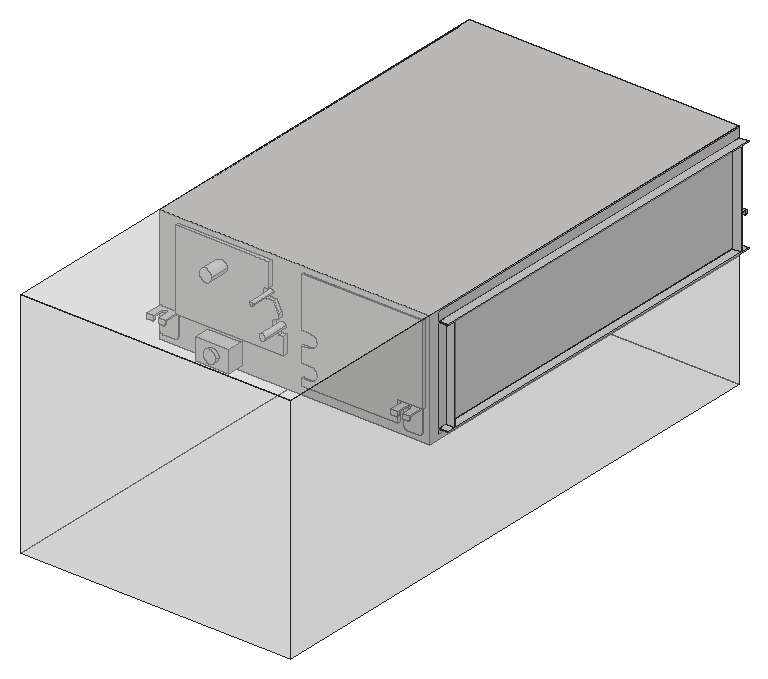
Revit family "outputfile", category 機械設備, Revit 2024
Family settings
  丸型コネクタ寸法 = 半径を使用
  パーツ タイプ = 標準
  OmniClass 番号 = 23.75.10.24.21.27.27
  OmniClass タイトル = Split System Air Conditioning Units
  作業面ベース = いいえ
  常に垂直 = はい
  ロード時にボイドで切り取り = いいえ
  注釈の向きを維持 = いいえ
  共有 = いいえ
  部屋計算ポイント = はい
Parameters (values of type "FXMQ80PBV1")
  製造元 = "Daikin"
  書き出し IFC クラス(タイプ) = "IfcUnitaryEquipmentType"
  定義済み IFC タイプ(タイプ) = "AIRCONDITIONINGUNIT"
  モデル = "FXMQ80PBV1"
  r_Liquid Pipe Size = Liquid Pipe Size / 2  # 4.75 mm
  r_Gas Pipe Size = Gas Pipe Size / 2  # 7.95 mm
  r_Drain Pipe Size = Drain Pipe Size / 2  # 16.0 mm
  lw_power = 396.0 mm  # constant formula
  lh_SA = 165.0 mm  # constant formula
  lw_SA = if(Depth = 550.0 mm, 210.0 mm, if(Depth = 700.0 mm, 285.0 mm, if(Depth = 1000.0 mm, 435.0 mm, 635.0 mm)))  # 435.0 mm
  lw_RA = if(Depth = 550.0 mm, 288.0 mm, if(Depth = 700.0 mm, 363.0 mm, if(Depth = 1000.0 mm, 513.0 mm, 713.0 mm)))  # 513.0 mm
  lh_power = 60.0 mm + [h***]  # 60.0 mm
  lh_mountinghole1 = lh_mountinghole + [h***]  # 80.0 mm
  lh_RA = 150.0 mm  # constant formula
  ld_power = Depth / 2  # 500.0 mm
  Voltage_comment_60Hz = "220-240"
  Voltage_comment_50Hz = "220-240"
  Voltage_60Hz = 220 V
  Voltage_50Hz = 220 V
  Supply Air Direction [instance] = yes
  Phase_60Hz = 1
  Phase_50Hz = 1
  Minimum External Static Pressure = 50.00 Pa
  Minimum Circuit Amps_60Hz = 2.3 A
  Minimum Circuit Amps_50Hz = 2.3 A
  Maximum Fuse Amps_60Hz = 16.0 A
  Maximum Fuse Amps_50Hz = 16.0 A
  Maximum External Static Pressure = 200.00 Pa
  Material_Casing = DAIKIN_GalvanizedSteel_Casing_indoorunit
  lw_mountinghole = 631.0 mm  # constant formula
  lh_gaspipe = 144.0 mm + [h***]  # 144.0 mm
  lh_mountinghole = 80.0 mm  # constant formula
  lh_liquidpipe = 212.0 mm + [h***]  # 212.0 mm
  lh_drainpipe = 232.0 mm + [h***]  # 232.0 mm
  lh_antena = Height - lh_mountinghole + 1.0 mm  # 221.0 mm
  ld_drainpipe = Depth / 2 + 59.0 mm  # 559.0 mm
  ld_liquidpipe = 565.0 mm
  ld_gaspipe = 565.0 mm
  ld_mountinghole = Depth + 38.0 mm  # 1038.0 mm
  h*** = 0.0 mm  # constant formula
  lw_liquidpipe = 290.0 mm  # constant formula
  lw_gaspipe = 318.0 mm  # constant formula
  lw_drainpipe = 167.0 mm  # constant formula
  Width = 700.0 mm
  Version = "ver.1.0"
  Unit Type = "Duct_M.S.P."
  Unit Mass Weight = 35.00 kg
  Unit Designation [instance] = ""
  Uniclass2015Version = "Products v1.30"
  Uniclass2015Title = "Variable refrigerant flow units"
  Uniclass2015Code = "Pr_70_65_03_94"
  Total Heating Capacity [instance] = 0.000 kW
  Total Cooling Capacity [instance] = 0.000 kW
  Sound Pressure Level_L speed (dBA) = 39
  Sound Pressure Level_H speed (dBA) = 41
  Series = "VRV Fan Coil Unit"
  Sensible Cooling Capacity [instance] = 0.000 kW
  SA Duct Size Width = if(Depth = 550.0 mm, 310.0 mm, if(Depth = 700.0 mm, 460.0 mm, if(Depth = 1000.0 mm, 760.0 mm, 1160.0 mm)))  # 760.0 mm
  SA Duct Size Height = 215.0 mm
  Refrigerant Type = "R410A"
  RA Duct Size Width = if(Depth = 550.0 mm, 475.0 mm, if(Depth = 700.0 mm, 625.0 mm, if(Depth = 1000.0 mm, 925.0 mm, 1325.0 mm)))  # 925.0 mm
  RA Duct Size Height = 247.0 mm
  Power Input (Heating) = 0.173 kW
  Power Input (Cooling) = 0.185 kW
  Option Accessory 3 [instance] = ""
  Option Accessory 2 [instance] = ""
  Option Accessory 1 [instance] = ""
  Nominal Heating Capacity = 10.000 kW
  Nominal Cooling Capacity = 9.000 kW
  Minimum Airflow = 1200.00 m³/h
  Median Airflow = 0.00 m³/h
  Maximum Airflow = 1350.00 m³/h
  Load Classification = HVAC
  Liquid Pipe Size = 9.5 mm
  Link_Nested Family [instance] = ""
  IfcVersion = ""
  IfcExportType = "AIRCONDITIONINGUNIT"
  IfcExportAs = "IfcUnitaryEquipmentType"
  Height = 300.0 mm
  Heating Entering Wet Bulb Temperature [instance] = 0.00 °C
  Heating Entering Dry Bulb Temperature [instance] = 0.00 °C
  Heating Ambient Wet Bulb Temperature [instance] = 0.00 °C
  Heating Ambient Dry Bulb Temperature [instance] = 0.00 °C
  Heat Exchanger Type = "Cross Fin Coil"
  Gas Pipe Size = 15.9 mm
  Frequency_60Hz = 60 Hz
  Frequency_50Hz = 50 Hz
  Fan Type = "Sirocco Fan"
  Fan Drive = "Direct Drive"
  FCU Tag No. [instance] = ""
  Drain Pipe Size = 32.0 mm
  Design Supply Airflow [instance] = 0.00 m³/h
  Design Return Airflow [instance] = 0.00 m³/h
  Design External Static Pressure [instance] = 0.00 Pa
  Depth = 1000.0 mm
  既定の高さ = 0.0 mm
  Cooling Entering Wet Bulb Temperature [instance] = 0.00 °C
  Cooling Entering Dry Bulb Temperature [instance] = 0.00 °C
  Cooling Ambient Wet Bulb Temperature [instance] = 0.00 °C
  Cooling Ambient Dry Bulb Temperature [instance] = 0.00 °C
  Clearance visibility [instance] = yes
  Clearance Top = 0.0 mm
  Clearance Right = 0.0 mm
  Clearance Rear = 0.0 mm
  Clearance Left = 0.0 mm
  Clearance Front = 450.0 mm
  Clearance Bottom = 300.0 mm
Reference planes
  plane 1 "Center (Front/Back)": y = 0
  plane 2 "h": z = 0
  plane 3 "Center (Left/Right)": x = 0
  plane 4 "Back": y = 500
  plane 5 "Front": y = -500
  plane 6 "Left": x = -350
  plane 7 "Reight": x = 350
  plane 8 "Top": z = 0
  plane 9 "Bottom": z = -300
  plane 10: y = -215
  plane 11: y = 500
  plane 12: y = -950
  plane 13: x = -350
  plane 14: x = 350
  plane 15: z = 0
  plane 16: z = -600
  plane 17: x = -350
  plane 18: z = -135
  plane 19: x = -349
  plane 20: x = 349
  plane 21: y = 65
  plane 22: y = 13
  plane 23: z = -150
  plane 24: y = -510.8
  plane 25: z = -14
  plane 26: z = -219
  plane 27: x = -60
  plane 28: x = -20
  plane 29: z = -156
  plane 30: x = -32
  plane 31: z = -88
  plane 32: x = 23
  plane 33: x = 335
  plane 34: z = -15.8
  plane 35: z = -274.8
  plane 36: z = -219.8
  plane 37: x = 271
  plane 38: x = -223.3
  plane 39: x = -138.3
  plane 40: z = -232.7
  plane 41: z = -288.5
  plane 42: y = -541
  plane 43: x = -181
  plane 44: z = -260
  plane 45: y = -549
  plane 46: z = -163.8
  plane 47: z = -239.8
  plane 48: x = 46
  plane 49: z = -88
  plane 50: x = -60
  plane 51: y = -565
  plane 52: z = -156
  plane 53: x = -32
  plane 54: y = -559
  plane 55: z = -68
  plane 56: x = -183
  plane 57: x = -183
  plane 58: x = -60
  plane 59: x = -32
  plane 60: x = 46
  plane 61: x = -323
  plane 62: x = 308
  plane 63: y = -519
  plane 64: y = 519
  plane 65: z = -220
  plane 66: y = -506
  plane 67: x = -298.5
  plane 68: x = -374
  plane 69: x = 374
Forms (mm)
  Extrusion 1, solid, material "DAIKIN_GalvanizedSteel_Casing_indoorunit" <- "Material_Casing"
    sketch origin (0, 0, 0) x (1, 0, 0) y (0, 1, 0)
      loop
        line (-349, 500) -> (-349, -500) -> (349, -500) -> (349, 500) -> (-349, 500)
    from -300 to 0
  Extrusion 2, solid, material "DAIKIN_GalvanizedSteel_Casing_indoorunit" <- "Material_Casing"
    sketch origin (0, 0, 0) x (1, 0, 0) y (0, 0, 1)
      loop
        line (-298.5, -219) -> (-20, -219) -> (-20, -173.5) -> (-32, -173.5)
        arc (-32, -173.5) -> (-49.471, -157.002) -> (-34, -138.615) r 17.5
        line (-34, -138.615) -> (-34, -127.5) -> (-47, -101) -> (-60, -101)
        arc (-60, -101) -> (-73, -88) -> (-60, -75) r 13
        line (-60, -75) -> (-60, -14) -> (-298.5, -14) -> (-298.5, -219)
    from 500 to 510.8
  Extrusion 3, solid, material "DAIKIN_GalvanizedSteel_Casing_indoorunit" <- "Material_Casing"
    sketch origin (0, 0, 0) x (1, 0, 0) y (0, 0, 1)
      loop
        line (23, -274.8) -> (271, -274.8) -> (271, -219.8) -> (335, -219.8) -> (335, -15.8) -> (23, -15.8) -> (23, -146.3) -> (46, -146.3)
        arc (46, -146.3) -> (63.5, -163.8) -> (46, -181.3) r 17.5
        line (46, -181.3) -> (23, -181.3) -> (23, -222.3) -> (46, -222.3)
        arc (46, -222.3) -> (63.5, -239.8) -> (46, -257.3) r 17.5
        line (46, -257.3) -> (23, -257.3) -> (23, -274.8)
    from 500 to 506
  Extrusion 4, solid, material "DAIKIN_GalvanizedSteel_Casing_indoorunit" <- "Material_Casing"
    sketch origin (0, 0, 0) x (1, 0, 0) y (0, 0, 1)
      loop
        line (-223.3, -232.7) -> (-223.3, -288.5) -> (-138.3, -288.5) -> (-138.3, -232.7) -> (-223.3, -232.7)
    from 500 to 541
  Extrusion 5, solid, material "DAIKIN_GalvanizedSteel_Casing_indoorunit" <- "Material_Casing"
    sketch origin (0, 0, 0) x (1, 0, 0) y (0, 0, 1)
      loop
        circle (-181, -260) r 16.5
    from 541 to 549
  Extrusion 6, solid
    sketch origin (0, 0, 0) x (1, 0, 0) y (0, 0, 1)
      loop
        circle (-60, -88) r 4.75
    from 500 to 565
  Extrusion 7, solid
    sketch origin (0, 0, 0) x (1, 0, 0) y (0, 0, 1)
      loop
        circle (-32, -156) r 7.95
    from 500 to 565
  Extrusion 8, solid
    sketch origin (0, 0, 0) x (1, 0, 0) y (0, 0, 1)
      loop
        circle (-183, -68) r 16
    from 510.8 to 559
Dimensions and locks
  "Height": plane 8 "Top" to plane 9 "Bottom"
  equal spacing: plane 4 "Back", plane 1 "Center (Front/Back)", plane 5 "Front"
  "Depth": plane 4 "Back" to plane 5 "Front"
  equal spacing: plane 6 "Left", plane 3 "Center (Left/Right)", plane 7 "Reight"
  "Width": plane 6 "Left" to plane 7 "Reight"
  "Clearance Left": plane 13 to plane 6 "Left"
  "Clearance Right": plane 7 "Reight" to plane 14
  "Clearance Rear": plane 11 to plane 4 "Back"
  "Clearance Front": plane 5 "Front" to plane 12
  "Clearance Top": plane 15 to plane 8 "Top"
  "Clearance Bottom": plane 9 "Bottom" to plane 16
  "lh_SA": plane 18 to plane 9 "Bottom"
  locked: plane 17 to plane 19 at 1
  "lw_SA": plane 4 "Back" to plane 21
  "lw_RA": plane 22 to plane 5 "Front"
  "lh_RA": plane 23 to plane 9 "Bottom"
  locked: plane 5 "Front" to plane 24 at 10.8
  plane 30 to plane 27 to plane 6 "Left" = 28.0 mm locked, 290.0 mm locked
  plane 33 to plane 32 to plane 6 "Left" = 312.0 mm locked, 373.0 mm locked
  locked: plane 33 to plane 37 at 64
  locked: plane 36 to plane 35 at 55
  plane 39 to plane 38 to plane 6 "Left" = 85.0 mm locked, 126.7 mm locked
  locked: plane 5 "Front" to plane 42 at 41
  locked: plane 43 to plane 6 "Left" at 169
  locked: plane 42 to plane 45 at 8
  plane 46 to plane 47 to plane 35 = 76.0 mm locked, 35.0 mm locked
  locked: plane 48 to plane 32 at 23
  "lw_liquidpipe": plane 50 to plane 6 "Left"
  "lh_liquidpipe": plane 49 to plane 9 "Bottom"
  "lh_gaspipe": plane 52 to plane 9 "Bottom"
  "lw_gaspipe": plane 53 to plane 6 "Left"
  "ld_gaspipe": plane 51 to plane 1 "Center (Front/Back)"
  "ld_drainpipe": plane 54 to plane 1 "Center (Front/Back)"
  "lh_drainpipe": plane 55 to plane 9 "Bottom"
  "lw_drainpipe": plane 56 to plane 6 "Left"
  "lw_drainpipe": plane 6 "Left" to plane 57
  "lw_liquidpipe": plane 6 "Left" to plane 58
  "lw_gaspipe": plane 6 "Left" to plane 59
  "lw_power": plane 6 "Left" to plane 60
  plane 17 to plane 61 = 27.0 mm
  "lw_mountinghole": plane 61 to plane 62
  equal spacing: plane 63, plane 1 "Center (Front/Back)", plane 64
  "ld_mountinghole": plane 64 to plane 63
  "lh_mountinghole": plane 65 to plane 9 "Bottom"
  plane 8 "Top" to plane 40 to plane 41 = 232.7 mm locked, 55.8 mm locked
  locked: plane 8 "Top" to plane 44 at 260
  plane 8 "Top" to plane 25 to plane 26 = 14.0 mm locked, 205.0 mm locked
  plane 8 "Top" to plane 31 to plane 29 = 88.0 mm locked, 68.0 mm locked
  plane 8 "Top" to plane 34 to plane 35 = 15.8 mm locked, 259.0 mm locked
  locked: plane 5 "Front" to plane 66 at 6
  locked: plane 68 to plane 6 "Left" at 24
  locked: plane 7 "Reight" to plane 69 at 24
  locked: plane 67 to plane 13 at 51.5
  locked: plane 28 to plane 30 at 12
  locked: Extrusion 2 sketch curve to plane 27 at 26
  plane 5 "Front" to plane 51 = 65.0 mm
  plane 5 "Front" to plane 54 = 59.0 mm
  locked: plane 20 to plane 7 "Reight" at 1
  "r_Liquid Pipe Size": radius of Extrusion 6 sketch curve
  "r_Gas Pipe Size": radius of Extrusion 7 sketch curve
  "r_Drain Pipe Size": radius of Extrusion 8 sketch curve
  aligned and locked: level to plane 2 "h"
  aligned and locked: plane 8 "Top" to Extrusion 1
  aligned and locked: Extrusion 1 to plane 9 "Bottom"
  aligned and locked: nested 5 to plane 12
  aligned and locked: plane 13 to nested 5
  aligned and locked: plane 14 to nested 5
  aligned and locked: nested 5 to plane 13
  aligned and locked: plane 11 to nested 5
  aligned and locked: plane 15 to nested 5
  aligned and locked: plane 16 to nested 5
  aligned and locked: plane 5 "Front" to Extrusion 1 sketch curve
  aligned and locked: Extrusion 1 to plane 19
  aligned and locked: plane 20 to Extrusion 1
  aligned and locked: nested 7 to plane 19
  aligned and locked: nested 7 to plane 21
  aligned and locked: plane 18 to nested 7
  aligned and locked: plane 20 to nested 8
  aligned and locked: plane 22 to nested 8
  aligned and locked: plane 23 to nested 8
  aligned and locked: Extrusion 2 to plane 24
  aligned and locked: plane 5 "Front" to Extrusion 2
  aligned and locked: plane 35 to Extrusion 3 sketch curve
  aligned and locked: plane 37 to Extrusion 3 sketch curve
  aligned and locked: plane 36 to Extrusion 3 sketch curve
  aligned and locked: Extrusion 3 sketch curve to plane 33
  aligned and locked: Extrusion 3 sketch curve to plane 34
  aligned and locked: Extrusion 3 sketch curve to plane 32
  aligned and locked: plane 5 "Front" to Extrusion 3
  aligned and locked: Extrusion 4 sketch curve to plane 40
  aligned and locked: Extrusion 4 sketch curve to plane 38
  aligned and locked: plane 41 to Extrusion 4 sketch curve
  aligned and locked: plane 39 to Extrusion 4 sketch curve
  aligned and locked: Extrusion 4 to plane 42
  aligned and locked: plane 5 "Front" to Extrusion 4
  aligned and locked: Extrusion 5 sketch curve to plane 43
  aligned and locked: plane 44 to Extrusion 5 sketch curve
  aligned and locked: Extrusion 5 to plane 45
  aligned and locked: plane 42 to Extrusion 5
  aligned and locked: Extrusion 6 sketch curve to plane 50
  aligned and locked: plane 49 to Extrusion 6 sketch curve
  aligned and locked: Extrusion 6 to plane 51
  aligned and locked: plane 5 "Front" to Extrusion 6
  aligned and locked: Extrusion 7 sketch curve to plane 53
  aligned and locked: plane 52 to Extrusion 7 sketch curve
  aligned and locked: Extrusion 7 to Extrusion 6
  aligned and locked: plane 5 "Front" to Extrusion 7
  aligned and locked: Extrusion 8 sketch curve to plane 56
  aligned and locked: Extrusion 8 sketch curve to plane 55
  aligned and locked: Extrusion 8 to plane 54
  aligned and locked: plane 24 to Extrusion 8
  aligned and locked: nested 3 to plane 54
  aligned and locked: plane 57 to nested 3
  aligned and locked: plane 58 to nested 2
  aligned and locked: nested 2 to plane 51
  aligned and locked: nested 1 to plane 59
  aligned and locked: Extrusion 7 to plane 51
  aligned and locked: nested 1 to plane 51
  aligned and locked: nested 6 to plane 5 "Front"
  aligned and locked: nested 6 to plane 60
  aligned and locked: plane 61 to nested 10
  aligned and locked: nested 10 to plane 5 "Front"
  aligned and locked: plane 62 to nested 9
  aligned and locked: nested 9 to plane 5 "Front"
  aligned and locked: nested 11 to plane 61
  aligned and locked: plane 4 "Back" to nested 11
  aligned and locked: nested 12 to plane 62
  aligned and locked: plane 4 "Back" to nested 12
  aligned and locked: plane 65 to nested 10
  aligned and locked: plane 65 to nested 11
  aligned and locked: plane 65 to nested 9
  aligned and locked: plane 65 to nested 12
  aligned and locked: plane 61 to nested 14
  aligned and locked: nested 14 to plane 64
  aligned and locked: plane 62 to nested 13
  aligned and locked: nested 13 to plane 64
  aligned and locked: plane 62 to nested 16
  aligned and locked: plane 63 to nested 16
  aligned and locked: plane 63 to nested 15
  aligned and locked: plane 61 to nested 15
  aligned and locked: Extrusion 3 to plane 66
  aligned and locked: plane 67 to Extrusion 2 sketch curve
  aligned and locked: nested 17 to plane 21
  aligned and locked: nested 17 to plane 68
  aligned and locked: plane 18 to nested 17
  aligned and locked: plane 22 to nested 18
  aligned and locked: plane 69 to nested 18
  aligned and locked: nested 18 to plane 23
  aligned and locked: nested 4 to plane 3 "Center (Left/Right)"
  aligned and locked: plane 1 "Center (Front/Back)" to nested 4
  aligned and locked: level to plane 8 "Top"
  aligned and locked: Extrusion 2 sketch curve to plane 28
  aligned and locked: Extrusion 2 sketch curve to plane 26
Automatic sketch dimensions
  plane 6 "Left" to Extrusion 1 sketch curve = 1.0 mm
  Extrusion 1 sketch curve to plane 7 "Reight" = 1.0 mm
  Extrusion 1 sketch curve to plane 4 "Back" = 0.0 mm
  Extrusion 3 sketch curve to plane 32 = 0.0 mm  (x2)
  Extrusion 3 sketch curve to plane 46 = 0.0 mm
  Extrusion 3 sketch curve to plane 48 = 0.0 mm  (x2)
  Extrusion 3 sketch curve to plane 47 = 0.0 mm
  Extrusion 3 sketch curve to plane 36 = 2.5 mm
  plane 23 to Extrusion 3 sketch curve = 3.7 mm
  Extrusion 2 sketch curve to plane 25 = 0.0 mm
  plane 27 to Extrusion 2 sketch curve = 0.0 mm
  Extrusion 2 sketch curve to plane 30 = 0.0 mm
  Extrusion 2 sketch curve to plane 29 = 0.0 mm
  Extrusion 2 sketch curve to plane 31 = 0.0 mm
  Extrusion 2 sketch curve to Extrusion 2 sketch curve = 13.0 mm
  Extrusion 2 sketch curve to plane 29 = 17.5 mm
  Extrusion 2 sketch curve to plane 31 = 13.0 mm
  plane 18 to Extrusion 2 sketch curve = 7.5 mm
  radius of Extrusion 5 sketch curve = 16.5 mm
Nested families
  nested 1: "daikin_connector_rotate2" at (-32, 0, -156), length <- "ld_gaspipe", built-in parameter 1001364 <- "lh_gaspipe", radius <- "r_Gas Pipe Size", type "daikin_connector_rotate2"
    with radius 7.95 mm, length 565.0 mm, angle_vertical 90.00°
  nested 2: "daikin_connector_rotate2" at (-60, 0, -88), length <- "ld_liquidpipe", built-in parameter 1001364 <- "lh_liquidpipe", radius <- "r_Liquid Pipe Size", type "daikin_connector_rotate2"
    with radius 4.75 mm, length 565.0 mm, angle_vertical 90.00°
  nested 3: "daikin_connector_rotate2" at (-183, 0, -68), length <- "ld_drainpipe", built-in parameter 1001364 <- "lh_drainpipe", radius <- "r_Drain Pipe Size", type "daikin_connector_rotate2"
    with radius 16.0 mm, length 559.0 mm, angle_vertical 90.00°
  nested 4: "daikin_△_symbolicline" at (0, 0, 300) x (0, -1, 0) z (0, 0, 1), built-in parameter 1001364 <- "Height", visible <- "Supply Air Direction", type "daikin_△_symbolicline"
    with length 200.0 mm
  nested 5: "daikin_clearancespace" at (0, -225, -299.881), visible <- "Clearance visibility", show <- "Clearance visibility", Link_Nested Family <- "Link_Nested Family", type "daikin_clearancespace"
    with width 700.0 mm, show yes, height 600.0 mm, depth 1450.0 mm, Link_Nested Family ""
  nested 6: "daikin_connector_rotate2" at (46, 0, -240), built-in parameter 1001364 <- "lh_power", length <- "ld_power", type "daikin_connector_rotate2"
    with radius 10.0 mm, length 500.0 mm, angle_vertical 90.00°
  nested 7: "daikin_ductflange_FXMQ-PBV1_2" at (-349, 65, -135) x (0, -1, 0) z (0, 0, 1), type "daikin_ductflange_FXMQ-PBV1_2"
    with width 760.0 mm, w 1000.0 mm
  nested 8: "daikin_ductflange_FXMQ-PBV1_1" at (349, 13, -150) x (0, 1, 0) z (0, 0, 1), type "daikin_ductflange_FXMQ-PBV1_1"
    with width 925.0 mm, w 1000.0 mm
  nested 9: "daikin_hangerfixture_FXMQ-PBV1" at (308, -500, -220), type "daikin_hangerfixture_FXMQ-PBV1"
  nested 10: "daikin_hangerfixture_FXMQ-PBV1" at (-323, -500, -220), type "daikin_hangerfixture_FXMQ-PBV1"
  nested 11: "daikin_hangerfixture_FXMQ-PBV1" at (-323, 500, -220) x (-1, 0, 0) z (0, 0, 1), type "daikin_hangerfixture_FXMQ-PBV1"
  nested 12: "daikin_hangerfixture_FXMQ-PBV1" at (308, 500, -220) x (-1, 0, 0) z (0, 0, 1), type "daikin_hangerfixture_FXMQ-PBV1"
  nested 13: "daikin_mountinghole" at (308, 519, -300), h_mountinghole <- "lh_mountinghole1", l_antenna <- "lh_antena", Link_Nested Family <- "Link_Nested Family", type "daikin_mountinghole"
    with show yes, l_antenna 221.0 mm, h_mountinghole 80.0 mm, Link_Nested Family ""
  nested 14: "daikin_mountinghole" at (-323, 519, -300), h_mountinghole <- "lh_mountinghole1", l_antenna <- "lh_antena", Link_Nested Family <- "Link_Nested Family", type "daikin_mountinghole"
    with show yes, l_antenna 221.0 mm, h_mountinghole 80.0 mm, Link_Nested Family ""
  nested 15: "daikin_mountinghole" at (-323, -519, -300), h_mountinghole <- "lh_mountinghole1", l_antenna <- "lh_antena", Link_Nested Family <- "Link_Nested Family", type "daikin_mountinghole"
    with show yes, l_antenna 221.0 mm, h_mountinghole 80.0 mm, Link_Nested Family ""
  nested 16: "daikin_mountinghole" at (308, -519, -300), h_mountinghole <- "lh_mountinghole1", l_antenna <- "lh_antena", Link_Nested Family <- "Link_Nested Family", type "daikin_mountinghole"
    with show yes, l_antenna 221.0 mm, h_mountinghole 80.0 mm, Link_Nested Family ""
  nested 17: "daikin_connector_rotate2" at (-350, 65, -135) x (0, -1, 0) z (0, 0, 1), type "daikin_connector_rotate2"
    with radius 10.0 mm, length 24.0 mm, angle_vertical 90.00°
  nested 18: "daikin_connector_rotate2" at (350, 13, -150) x (0, 1, 0) z (0, 0, 1), type "daikin_connector_rotate2"
    with radius 10.0 mm, length 24.0 mm, angle_vertical 90.00°
Connectors
  piping at (-183, -559, -68), diameter 32, driven by "r_Drain Pipe Size"
    settings: on nested 3, index 3, connector inside diameter 609.6 mm, connector length 0.0 mm, flow factor 0, pipe flow 0.00 m³/h, pressure drop 0.0 Pa, fitting loss kfactor 0, connector angle 0.00°, fixture units 0, engagement length 0.0 mm, angle of deflection 0.00°, flow configuration 1, flow direction 2, fitting loss method 4, system type 16, joint type 0, gender type 0, connector reference index -1, connector utility 0, adjustable connector no, is connector primary yes, connector description "Condensate Drain Piping"
  piping at (-32, -565, -156), diameter 15.9, driven by "r_Gas Pipe Size"
    settings: on nested 1, index 4, connector inside diameter 609.6 mm, connector length 0.0 mm, flow factor 0, pipe flow 0.00 m³/h, pressure drop 0.0 Pa, fitting loss kfactor 0, connector angle 0.00°, fixture units 0, engagement length 0.0 mm, angle of deflection 0.00°, flow configuration 1, flow direction 2, fitting loss method 0, system type 29, joint type 0, gender type 0, connector reference index -1, connector utility 0, adjustable connector no, is connector primary no, connector description "Refrigerant Gas Piping"
  piping at (-60, -565, -88), diameter 9.5, driven by "r_Liquid Pipe Size"
    settings: on nested 2, index 5, connector inside diameter 609.6 mm, connector length 0.0 mm, flow factor 0, pipe flow 0.00 m³/h, pressure drop 0.0 Pa, fitting loss kfactor 0, connector angle 0.00°, fixture units 0, engagement length 0.0 mm, angle of deflection 0.00°, flow configuration 1, flow direction 1, fitting loss method 0, system type 29, joint type 0, gender type 0, connector reference index -1, connector utility 0, adjustable connector no, is connector primary no, connector description "Refrigerant Liquid Piping"
  electrical at (46, -500, -240), driven by "Load Classification"
    settings: on nested 6, index 6, voltage 0 V, apparent load 0 VA, apparent load phase1 0 VA, apparent load phase2 0 VA, apparent load phase3 0 VA, power factor 1, load classification "HVAC", number of poles 1, system type 30, power factor state 1, is connector primary yes, connector utility no, sub classification motor no, connector description "Power Supply"
  hvac at (-374, 65, -135), driven by "SA Duct Size Height", driven by "SA Duct Size Width"
    settings: on nested 17, index 7, duct flow 0.00 m³/h, flow factor 0, pres drop 0.00 Pa, loss coef 0, conn angle 0.00°, conn width 760.0 mm, conn height 215.0 mm, conn diameter 609.6 mm, duct sys type 1, conn prof type 1, flow config 0, flow direction 2, loss method 4, conn ref index -1, conn util no, is conn primary yes, conn desc "SA Duct"
  hvac at (374, 13, -150), driven by "RA Duct Size Height", driven by "RA Duct Size Width"
    settings: on nested 18, index 8, duct flow 0.00 m³/h, flow factor 0, pres drop 0.00 Pa, loss coef 0, conn angle 0.00°, conn width 925.0 mm, conn height 247.0 mm, conn diameter 609.6 mm, duct sys type 2, conn prof type 1, flow config 0, flow direction 1, loss method 4, conn ref index -1, conn util no, is conn primary no, conn desc "RA Duct"
Definition of nested family "daikin_clearancespace"
  Parameters (values of type "daikin_clearancespace")
    Description = "daikin_clearancespace"
    width [instance] = 1823.963 mm
    show [instance] = yes
    material = none
    height [instance] = 1359.762 mm
    depth [instance] = 880.0 mm
    Default Elevation = 0.0 mm
    Link_Nested Family [instance] = ""
  Reference planes
    plane 1 "Center (Front/Back)": y = 0
    plane 2 "Center (Elevation)": z = -0.119
    plane 3 "Center (Left/Right)": x = 0
    plane 4: y = 440
    plane 5: y = -440
    plane 6 "Right": x = 911.982
    plane 7 "Left": x = -911.982
    plane 8 "Top": z = 679.762
    plane 9 "Bottom": z = -680
  Forms (mm)
    Extrusion 1, solid, material <- "material", visible <- "show"
      sketch origin (0, 0, 0) x (1, 0, 0) y (0, 1, 0)
        loop
          line (-911.982, 440) -> (-911.982, -440) -> (911.982, -440) -> (911.982, 440) -> (-911.982, 440)
      from -680 to 679.762
  Lines and regions (mm)
    symbolic lines, visible <- "show"
      curve 1: line (911.982, 440, 0) -> (-911.982, 440, 0)
      curve 2: line (-911.982, 440, 0) -> (-911.982, -440, 0)
      curve 3: line (-911.982, -440, 0) -> (911.982, -440, 0)
      curve 4: line (911.982, -440, 0) -> (911.982, 440, 0)
      curve 5: line (911.982, 0, 679.762) -> (-911.982, 0, 679.762)
      curve 6: line (911.982, 0, -680) -> (911.982, 0, 679.762)
      curve 7: line (-911.982, 0, -680) -> (911.982, 0, -680)
      curve 8: line (-911.982, 0, 679.762) -> (-911.982, 0, -680)
      curve 9: line (0, 440, 679.762) -> (0, -440, 679.762)
      curve 10: line (0, -440, 679.762) -> (0, -440, -680)
      curve 11: line (0, 440, -680) -> (0, 440, 679.762)
      curve 12: line (0, -440, -680) -> (0, 440, -680)
  Dimensions and locks
    "width": plane 7 "Left" to plane 6 "Right"
    "depth": plane 4 to plane 5
    "height": plane 8 "Top" to plane 9 "Bottom"
    equal spacing: plane 7 "Left", plane 3 "Center (Left/Right)", plane 6 "Right"
    equal spacing: plane 4, plane 1 "Center (Front/Back)", plane 5
    equal spacing: plane 8 "Top", plane 2 "Center (Elevation)", plane 9 "Bottom"
    aligned and locked: level to plane 2 "Center (Elevation)"
    aligned and locked: Extrusion 1 sketch curve to plane 4
    aligned and locked: plane 7 "Left" to Extrusion 1 sketch curve
    aligned and locked: Extrusion 1 sketch curve to plane 5
    aligned and locked: Extrusion 1 sketch curve to plane 6 "Right"
    aligned and locked: plane 8 "Top" to Extrusion 1
    aligned and locked: curve 1 to Extrusion 1
    aligned and locked: curve 2 to Extrusion 1
    aligned and locked: curve 3 to Extrusion 1
    aligned and locked: curve 4 to Extrusion 1
    aligned and locked: curve 5 to Extrusion 1
    aligned and locked: curve 6 to Extrusion 1
    aligned and locked: curve 7 to Extrusion 1
    aligned and locked: curve 8 to Extrusion 1
    aligned and locked: curve 9 to Extrusion 1
    aligned and locked: curve 10 to Extrusion 1
    aligned and locked: curve 11 to Extrusion 1
    aligned and locked: curve 12 to Extrusion 1
    aligned and locked: Extrusion 1 to plane 9 "Bottom"
Definition of nested family "daikin_ductflange_FXMQ-PBV1_2"
  Parameters (values of type "daikin_ductflange_FXDSQ-AVM2")
    width = if(w = 550.0 mm, 310.0 mm, if(w = 700.0 mm, 460.0 mm, if(w = 1000.0 mm, 760.0 mm, 1160.0 mm)))  # 310.0 mm
    material = none
    height = 215.0 mm
    depth = 1.0 mm
    w = 550.0 mm
    Default Elevation = 0.0 mm
  Reference planes
    plane 1 "Center (Front/Back)": y = 0
    plane 2: z = 0
    plane 3 "Center (Left/Right)": x = 0
    plane 4: z = 107.5
    plane 5: z = -107.5
    plane 6: y = -25
    plane 7: z = 132.5
    plane 8: z = 108.5
    plane 9: y = -1
    plane 10: x = -177.5
    plane 11: x = 177.5
    plane 12: z = -132.5
    plane 13: z = -108.5
    plane 14: y = -1
    plane 15: x = 155
    plane 16: x = -155
    plane 17: x = 156
    plane 18: z = 106.5
    plane 19: z = -106.5
    plane 20: x = -156
    plane 21: z = 106.5
    plane 22: z = -106.5
    plane 23: y = -1
  Forms (mm)
    Extrusion 1, solid, material <- "material"
      sketch origin (0, 0, 0) x (0, 1, 0) y (0, 0, 1)
        loop
          line (-25, 107.5) -> (0, 107.5) -> (0, 132.5) -> (-1, 132.5) -> (-1, 108.5) -> (-25, 108.5) -> (-25, 107.5)
      from -177.5 to 177.5
    Extrusion 2, solid, material <- "material"
      sketch origin (0, 0, 0) x (0, 1, 0) y (0, 0, 1)
        loop
          line (-25, -107.5) -> (-25, -108.5) -> (-1, -108.5) -> (-1, -132.5) -> (0, -132.5) -> (0, -107.5) -> (-25, -107.5)
      from -177.5 to 177.5
    Extrusion 3, solid, material <- "material"
      sketch origin (0, 0, 0) x (1, 0, 0) y (0, 0, 1)
        loop
          line (155, 107.5) -> (155, -107.5) -> (177.5, -107.5) -> (177.5, -106.5) -> (156, -106.5) -> (156, 106.5) -> (177.5, 106.5) -> (177.5, 107.5) -> (155, 107.5)
      from 0 to 25
    Extrusion 4, solid, material <- "material"
      sketch origin (0, 0, 0) x (1, 0, 0) y (0, 0, 1)
        loop
          line (-177.5, 107.5) -> (-177.5, 106.5) -> (-156, 106.5) -> (-156, -106.5) -> (-177.5, -106.5) -> (-177.5, -107.5) -> (-155, -107.5) -> (-155, 107.5) -> (-177.5, 107.5)
      from 0 to 25
    Extrusion 5, solid, material <- "material"
      sketch origin (0, 0, 0) x (1, 0, 0) y (0, 0, 1)
        loop
          line (-177.5, 107.5) -> (-177.5, -107.5) -> (-155, -107.5) -> (-155, 107.5) -> (-177.5, 107.5)
        loop
          line (177.5, 107.5) -> (155, 107.5) -> (155, -107.5) -> (177.5, -107.5) -> (177.5, 107.5)
      from 0 to 1
  Cuts and joins
    joined: Extrusion 1, Extrusion 2, Extrusion 3, Extrusion 4, Extrusion 5
  Dimensions and locks
    plane 4 to level to plane 5 = 107.5 mm locked, 107.5 mm locked
    locked: plane 6 to plane 1 "Center (Front/Back)" at 25
    locked: plane 9 to plane 1 "Center (Front/Back)" at 1
    locked: plane 8 to plane 4 at 1
    locked: plane 11 to plane 15 at 22.5
    locked: plane 16 to plane 10 at 22.5
    locked: plane 17 to plane 15 at 1
    locked: plane 4 to plane 18 at 1
    locked: plane 19 to plane 5 at 1
    "width": plane 15 to plane 16
    plane 4 to plane 5 = 215.0 mm
    equal spacing: plane 15, plane 3 "Center (Left/Right)", plane 16
    locked: plane 16 to plane 20 at 1
    locked: plane 4 to plane 21 at 1
    locked: plane 22 to plane 5 at 1
    locked: plane 23 to plane 1 "Center (Front/Back)" at 1
    aligned and locked: level to plane 2
    aligned and locked: Extrusion 1 to plane 10
    aligned and locked: plane 11 to Extrusion 1
    aligned and locked: plane 5 to Extrusion 2
    aligned and locked: Extrusion 2 to plane 1 "Center (Front/Back)"
    aligned and locked: plane 15 to Extrusion 3 sketch curve
    aligned and locked: Extrusion 3 sketch curve to Extrusion 2  (x2)
    aligned and locked: Extrusion 3 sketch curve to plane 11
    aligned and locked: plane 6 to Extrusion 3
    aligned and locked: Extrusion 2 to plane 10
    aligned and locked: plane 11 to Extrusion 2
    aligned and locked: Extrusion 4 sketch curve to Extrusion 1  (x2)
    aligned and locked: plane 5 to Extrusion 4 sketch curve
    aligned and locked: Extrusion 4 sketch curve to plane 16
    aligned and locked: Extrusion 4 sketch curve to plane 22
    aligned and locked: plane 20 to Extrusion 4 sketch curve
    aligned and locked: plane 21 to Extrusion 4 sketch curve
    aligned and locked: Extrusion 4 to plane 1 "Center (Front/Back)"
    aligned and locked: plane 6 to Extrusion 4
    aligned and locked: Extrusion 5 sketch curve to Extrusion 1  (x4)
    aligned and locked: Extrusion 5 sketch curve to Extrusion 4  (x2)
    aligned and locked: Extrusion 5 sketch curve to Extrusion 3  (x2)
    aligned and locked: Extrusion 5 to plane 1 "Center (Front/Back)"
    aligned and locked: plane 23 to Extrusion 5
  Automatic sketch dimensions
    Extrusion 1 sketch curve to plane 6 = 0.0 mm
    Extrusion 1 sketch curve to plane 7 = 0.0 mm
    Extrusion 1 sketch curve to plane 9 = 0.0 mm
    Extrusion 1 sketch curve to plane 1 "Center (Front/Back)" = 0.0 mm
    Extrusion 1 sketch curve to plane 4 = 0.0 mm
    Extrusion 1 sketch curve to plane 8 = 0.0 mm
    Extrusion 2 sketch curve to plane 6 = 0.0 mm
    plane 12 to Extrusion 2 sketch curve = 0.0 mm
    Extrusion 2 sketch curve to plane 14 = 0.0 mm
    Extrusion 2 sketch curve to plane 1 "Center (Front/Back)" = 0.0 mm
    plane 13 to Extrusion 2 sketch curve = 0.0 mm
    Extrusion 2 sketch curve to plane 5 = 0.0 mm
    Extrusion 3 sketch curve to plane 17 = 0.0 mm
    Extrusion 3 sketch curve to plane 19 = 0.0 mm
    Extrusion 3 sketch curve to plane 18 = 0.0 mm
    Extrusion 3 sketch curve to plane 4 = 0.0 mm
    Extrusion 4 sketch curve to plane 10 = 0.0 mm
Definition of nested family "daikin_ductflange_FXMQ-PBV1_1"
  Parameters (values of type "daikin_ductflange_FXDSQ-AVM")
    width = if(w = 550.0 mm, 475.0 mm, if(w = 700.0 mm, 625.0 mm, if(w = 1000.0 mm, 925.0 mm, 1325.0 mm)))  # 475.0 mm
    material = none
    height = 247.0 mm
    depth = 1.0 mm
    w = 550.0 mm
    Default Elevation = 0.0 mm
  Reference planes
    plane 1 "Center (Front/Back)": y = 0
    plane 2: z = 0
    plane 3 "Center (Left/Right)": x = 0
    plane 4: z = 123.5
    plane 5: z = -123.5
    plane 6: y = -25
    plane 7: z = 146.5
    plane 8: z = 124.5
    plane 9: y = -1
    plane 10: x = -260
    plane 11: x = 260
    plane 12: z = -137
    plane 13: z = -124.5
    plane 14: y = -1
    plane 15: x = 237.5
    plane 16: x = -237.5
    plane 17: x = 238.5
    plane 18: z = 122.5
    plane 19: z = -122.5
    plane 20: x = -238.5
    plane 21: z = 122.5
    plane 22: z = -122.5
    plane 23: y = -1
  Forms (mm)
    Extrusion 1, solid, material <- "material"
      sketch origin (0, 0, 0) x (0, 1, 0) y (0, 0, 1)
        loop
          line (-25, 123.5) -> (0, 123.5) -> (0, 146.5) -> (-1, 146.5) -> (-1, 124.5) -> (-25, 124.5) -> (-25, 123.5)
      from -260 to 260
    Extrusion 2, solid, material <- "material"
      sketch origin (0, 0, 0) x (0, 1, 0) y (0, 0, 1)
        loop
          line (-25, -123.5) -> (-25, -124.5) -> (-1, -124.5) -> (-1, -137) -> (0, -137) -> (0, -123.5) -> (-25, -123.5)
      from -260 to 260
    Extrusion 3, solid, material <- "material"
      sketch origin (0, 0, 0) x (1, 0, 0) y (0, 0, 1)
        loop
          line (237.5, 123.5) -> (237.5, -123.5) -> (260, -123.5) -> (260, -122.5) -> (238.5, -122.5) -> (238.5, 122.5) -> (260, 122.5) -> (260, 123.5) -> (237.5, 123.5)
      from 0 to 25
    Extrusion 4, solid, material <- "material"
      sketch origin (0, 0, 0) x (1, 0, 0) y (0, 0, 1)
        loop
          line (-260, 123.5) -> (-260, 122.5) -> (-238.5, 122.5) -> (-238.5, -122.5) -> (-260, -122.5) -> (-260, -123.5) -> (-237.5, -123.5) -> (-237.5, 123.5) -> (-260, 123.5)
      from 0 to 25
    Extrusion 5, solid, material <- "material"
      sketch origin (0, 0, 0) x (1, 0, 0) y (0, 0, 1)
        loop
          line (-260, 123.5) -> (-260, -123.5) -> (-237.5, -123.5) -> (-237.5, 123.5) -> (-260, 123.5)
        loop
          line (260, 123.5) -> (237.5, 123.5) -> (237.5, -123.5) -> (260, -123.5) -> (260, 123.5)
      from 0 to 1
  Cuts and joins
    joined: Extrusion 1, Extrusion 2, Extrusion 3, Extrusion 4, Extrusion 5
  Dimensions and locks
    plane 4 to level to plane 5 = 123.5 mm, 123.5 mm
    locked: plane 6 to plane 1 "Center (Front/Back)" at 25
    locked: plane 9 to plane 1 "Center (Front/Back)" at 1
    locked: plane 8 to plane 4 at 1
    locked: plane 11 to plane 15 at 22.5
    locked: plane 16 to plane 10 at 22.5
    locked: plane 17 to plane 15 at 1
    locked: plane 4 to plane 18 at 1
    locked: plane 19 to plane 5 at 1
    "width": plane 15 to plane 16
    equal spacing: plane 15, plane 3 "Center (Left/Right)", plane 16
    locked: plane 16 to plane 20 at 1
    locked: plane 4 to plane 21 at 1
    locked: plane 22 to plane 5 at 1
    locked: plane 23 to plane 1 "Center (Front/Back)" at 1
    equal spacing: plane 4, level, plane 5
    locked: plane 7 to plane 4 at 23
    locked: plane 5 to plane 12 at 13.5
    locked: plane 1 "Center (Front/Back)" to plane 14 at 1
    locked: plane 5 to plane 13 at 1
    locked: plane 4 to plane 5 at 247
    aligned and locked: level to plane 2
    aligned and locked: Extrusion 1 to plane 10
    aligned and locked: plane 11 to Extrusion 1
    aligned and locked: plane 5 to Extrusion 2
    aligned and locked: Extrusion 2 to plane 1 "Center (Front/Back)"
    aligned and locked: plane 15 to Extrusion 3 sketch curve
    aligned and locked: Extrusion 3 sketch curve to Extrusion 2  (x2)
    aligned and locked: Extrusion 3 sketch curve to plane 11
    aligned and locked: plane 6 to Extrusion 3
    aligned and locked: Extrusion 2 to plane 10
    aligned and locked: plane 11 to Extrusion 2
    aligned and locked: Extrusion 4 sketch curve to Extrusion 1  (x2)
    aligned and locked: plane 5 to Extrusion 4 sketch curve
    aligned and locked: Extrusion 4 sketch curve to plane 16
    aligned and locked: Extrusion 4 sketch curve to plane 22
    aligned and locked: plane 20 to Extrusion 4 sketch curve
    aligned and locked: plane 21 to Extrusion 4 sketch curve
    aligned and locked: Extrusion 4 to plane 1 "Center (Front/Back)"
    aligned and locked: plane 6 to Extrusion 4
    aligned and locked: Extrusion 5 sketch curve to Extrusion 1  (x4)
    aligned and locked: Extrusion 5 sketch curve to Extrusion 4  (x2)
    aligned and locked: Extrusion 5 sketch curve to Extrusion 3  (x2)
    aligned and locked: Extrusion 5 to plane 1 "Center (Front/Back)"
    aligned and locked: plane 23 to Extrusion 5
  Automatic sketch dimensions
    Extrusion 1 sketch curve to plane 6 = 0.0 mm
    Extrusion 1 sketch curve to plane 7 = 0.0 mm
    Extrusion 1 sketch curve to plane 9 = 0.0 mm
    Extrusion 1 sketch curve to plane 1 "Center (Front/Back)" = 0.0 mm
    Extrusion 1 sketch curve to plane 4 = 0.0 mm
    Extrusion 1 sketch curve to plane 8 = 0.0 mm
    Extrusion 2 sketch curve to plane 6 = 0.0 mm
    plane 12 to Extrusion 2 sketch curve = 0.0 mm
    Extrusion 2 sketch curve to plane 14 = 0.0 mm
    Extrusion 2 sketch curve to plane 1 "Center (Front/Back)" = 0.0 mm
    plane 13 to Extrusion 2 sketch curve = 0.0 mm
    Extrusion 2 sketch curve to plane 5 = 0.0 mm
    Extrusion 3 sketch curve to plane 17 = 0.0 mm
    Extrusion 3 sketch curve to plane 19 = 0.0 mm
    Extrusion 3 sketch curve to plane 18 = 0.0 mm
    Extrusion 3 sketch curve to plane 4 = 0.0 mm
    Extrusion 4 sketch curve to plane 10 = 0.0 mm
Definition of nested family "daikin_hangerfixture_FXMQ-PBV1"
  Parameters (values of type "daikin_hangerfixture_FXMQ-PAVE")
    width = 48.0 mm
    material = none
    height = 65.0 mm
    depth = 45.0 mm
    Default Elevation = 0.0 mm
  Reference planes
    plane 1 "Center (Front/Back)": y = 0
    plane 2: z = 0
    plane 3 "Center (Left/Right)": x = 0
    plane 4: y = 417.146
    plane 5: y = -45
    plane 6: x = -24
    plane 7: x = 24
    plane 8: z = -2.3
    plane 9: z = -65
    plane 10: y = -2.3
    plane 11: z = -12
    plane 12: y = -42.7
  Forms (mm)
    Extrusion 1, solid, material <- "material"
      sketch origin (0, 0, 0) x (1, 0, 0) y (0, 1, 0)
        loop
          line (24, 0) -> (-24, 0) -> (-24, -45) -> (-6, -45) -> (-6, -19)
          arc (-6, -19) -> (0, -13) -> (6, -19) r 6
          line (6, -19) -> (6, -45) -> (24, -45) -> (24, 0)
      from 0 to -2.3
    Extrusion 2, solid, material <- "material"
      sketch origin (0, 0, 0) x (1, 0, 0) y (0, 0, 1)
        loop
          line (24, -55) -> (24, 0) -> (-24, 0) -> (-24, -55)
          arc (-24, -55) -> (-21.071, -62.071) -> (-14, -65) r 10
          line (-14, -65) -> (14, -65)
          arc (14, -65) -> (21.071, -62.071) -> (24, -55) r 10
      from 0 to 2.3
    Extrusion 3, solid, material <- "material"
      sketch origin (0, 0, 0) x (1, 0, 0) y (0, 0, 1)
        loop
          line (-6, -9) -> (-6, 0) -> (-24, 0) -> (-24, -9)
          arc (-24, -9) -> (-23.121, -11.121) -> (-21, -12) r 3
          line (-21, -12) -> (-9, -12)
          arc (-9, -12) -> (-6.879, -11.121) -> (-6, -9) r 3
        loop
          line (6, 0) -> (6, -9)
          arc (6, -9) -> (6.879, -11.121) -> (9, -12) r 3
          line (9, -12) -> (21, -12)
          arc (21, -12) -> (23.121, -11.121) -> (24, -9) r 3
          line (24, -9) -> (24, 0) -> (6, 0)
      from 42.7 to 45
  Cuts and joins
    joined: Extrusion 1, Extrusion 2, Extrusion 3
  Dimensions and locks
    "width": plane 6 to plane 7
    "depth": plane 5 to plane 1 "Center (Front/Back)"
    plane 2 to plane 8 = 2.3 mm
    "height": plane 2 to plane 9
    locked: plane 10 to plane 1 "Center (Front/Back)" at 2.3
    locked: plane 2 to plane 11 at 12
    locked: plane 12 to plane 5 at 2.3
    aligned and locked: level to plane 2
    aligned and locked: Extrusion 1 sketch curve to plane 1 "Center (Front/Back)"
    aligned and locked: plane 7 to Extrusion 1
    aligned and locked: Extrusion 1 to plane 6
    aligned and locked: Extrusion 1 to plane 5  (x2)
    aligned and locked: Extrusion 1 to plane 8
    aligned and locked: plane 2 to Extrusion 1
    aligned and locked: plane 2 to Extrusion 2 sketch curve
    aligned and locked: Extrusion 2 to plane 9
    aligned and locked: Extrusion 2 to plane 10
    aligned and locked: Extrusion 2 to plane 1 "Center (Front/Back)"
    aligned and locked: plane 2 to Extrusion 3 sketch curve  (x2)
    aligned and locked: Extrusion 3 to plane 11  (x2)
    aligned and locked: plane 12 to Extrusion 3
    aligned and locked: Extrusion 3 to plane 5
  Automatic sketch dimensions
    Extrusion 1 sketch curve to plane 6 = 0.0 mm
    Extrusion 1 sketch curve to plane 5 = 0.0 mm  (x2)
    Extrusion 1 sketch curve to plane 3 "Center (Left/Right)" = 0.0 mm
    Extrusion 1 sketch curve to plane 7 = 0.0 mm
    Extrusion 1 sketch curve to plane 3 "Center (Left/Right)" = 6.0 mm
    plane 1 "Center (Front/Back)" to Extrusion 1 sketch curve = 19.0 mm
    Extrusion 2 sketch curve to plane 7 = 0.0 mm
    Extrusion 2 sketch curve to plane 7 = 10.0 mm
    Extrusion 2 sketch curve to plane 8 = 52.7 mm
    plane 6 to Extrusion 2 sketch curve = 10.0 mm
    Extrusion 2 sketch curve to plane 6 = 0.0 mm
    Extrusion 3 sketch curve to plane 6 = 0.0 mm
    Extrusion 3 sketch curve to plane 7 = 0.0 mm
    Extrusion 3 sketch curve to Extrusion 3 sketch curve = 3.0 mm  (x2)
    Extrusion 3 sketch curve to plane 8 = 6.7 mm
    Extrusion 3 sketch curve to plane 3 "Center (Left/Right)" = 9.0 mm
    Extrusion 3 sketch curve to plane 3 "Center (Left/Right)" = 6.0 mm
    plane 3 "Center (Left/Right)" to Extrusion 3 sketch curve = 6.0 mm
    Extrusion 3 sketch curve to plane 7 = 3.0 mm
    Extrusion 3 sketch curve to plane 8 = 9.7 mm
Definition of nested family "daikin_connector_rotate2"
  Parameters (values of type "daikin_connector_rotate2")
    Default Elevation = 1219.2 mm
    show_face = no
    radius [instance] = 10.0 mm
    length [instance] = 600.0 mm
    d_surface = 10.0 mm
    angle_vertical [instance] = 90.00°
  Reference planes
    plane 1 "Center (Front/Back)": y = 0
    plane 2: z = 0
    plane 3 "Center (Left/Right)": x = 0
  Forms (mm)
    Extrusion 1, solid, visible <- "show_face"
      sketch origin (0, -600, 0) x (1, 0, 0) y (0, 0, 1)
        loop
          circle (0, 0) r 10
      from 0 to -10
  Lines and regions (mm)
    reference lines
      curve 1: line (0, 0, 0) -> (0, -600, 0)
    symbolic lines
      curve 2: circle (0, 0, 0) r 5 normal (0, 0, 1)
    model lines, visible <- "show_face"
      curve 3: line (0, 0, 0) -> (0, -600, 0)
  Dimensions and locks
    "length": curve 1 to curve 1
    "length": curve 3 to curve 3
    "d_surface": Extrusion 1 to Extrusion 1
    "radius": radius of Extrusion 1 sketch curve
    "angle_vertical": angle curve 1 to plane 1 "Center (Front/Back)"
    "angle_vertical": angle curve 3 to plane 1 "Center (Front/Back)"
    aligned and locked: level to plane 2
    aligned and locked: plane 1 "Center (Front/Back)" to curve 1
    aligned and locked: plane 2 to curve 1
    aligned and locked: plane 1 "Center (Front/Back)" to curve 2
    aligned and locked: plane 3 "Center (Left/Right)" to curve 2
    aligned and locked: plane 1 "Center (Front/Back)" to curve 3
    aligned and locked: plane 2 to curve 3
    aligned and locked: Extrusion 1 to Extrusion 1
  Automatic sketch dimensions
    Extrusion 1 sketch curve to level = 0.0 mm
    Extrusion 1 sketch curve to plane 3 "Center (Left/Right)" = 0.0 mm
    radius of curve 2 = 5.0 mm
Definition of nested family "daikin_△_symbolicline"
  Parameters (values of type "daikin_△_symbolicline")
    length [instance] = 200.0 mm
    Default Elevation = 0.0 mm
  Reference planes
    plane 1 "Center (Front/Back)": y = 0
    plane 2: z = 0
    plane 3 "Center (Left/Right)": x = 0
  Lines and regions (mm)
    symbolic lines
      curve 1: line (0, -173.205, 0) -> (100, 0, 0)
      curve 2: line (100, 0, 0) -> (-100, 0, 0)
      curve 3: line (-100, 0, 0) -> (0, -173.205, 0)
  Dimensions and locks
    equal spacing: curve 3, plane 3 "Center (Left/Right)", curve 2
    "length": curve 3 to curve 2
    "length": curve 3 to curve 3
    "length": curve 1 to curve 1
    aligned and locked: level to plane 2
    aligned and locked: curve 2 to plane 1 "Center (Front/Back)"
    aligned and locked: plane 3 "Center (Left/Right)" to curve 3
Definition of nested family "daikin_mountinghole"
  Parameters (values of type "daikin_mountinghole")
    Default Elevation = 1219.2 mm
    Type Comments = "mountinghole"
    show [instance] = yes
    material = none
    l_centerline = 100.0 mm
    l_antenna [instance] = 100.0 mm
    h_mountinghole [instance] = 0.0 mm
    d_circle = 30.0 mm
    Link_Nested Family [instance] = ""
  Reference planes
    plane 1 "Center (Front/Back)": y = 0
    plane 2: z = 0
    plane 3 "Center (Left/Right)": x = 0
    plane 4: y = 50
    plane 5: x = -50
    plane 6: x = 50
    plane 7: y = -50
    plane 8 "h_mountinghole": z = 0
    plane 9: z = 100
  Lines and regions (mm)
    model lines, detail levels fine
      curve 1: circle (0, 0, 0) r 15 normal (0, 0, 1)
      curve 2: line (-50, 0, 0) -> (50, 0, 0)
      curve 3: line (0, 50, 0) -> (0, -50, 0)
    symbolic lines, detail levels fine
      curve 4: circle (0, 0, 0) r 15 normal (0, 0, 1)
      curve 5: line (-50, 0, 0) -> (50, 0, 0)
      curve 6: line (0, 50, 0) -> (0, -50, 0)
    model lines
      curve 7: line (0, 0, 100) -> (0, 0, 0)
  Dimensions and locks
    equal spacing: plane 4, plane 1 "Center (Front/Back)", plane 7
    "l_centerline": plane 4 to plane 7
    equal spacing: plane 5, plane 3 "Center (Left/Right)", plane 6
    "l_centerline": plane 5 to plane 6
    "l_antenna": plane 9 to plane 8 "h_mountinghole"
    "h_mountinghole": plane 8 "h_mountinghole" to plane 2
    "d_circle": diameter of curve 1
    "d_circle": diameter of curve 4
    aligned and locked: level to plane 2
    aligned and locked: plane 1 "Center (Front/Back)" to curve 1
    aligned and locked: plane 3 "Center (Left/Right)" to curve 1
    aligned and locked: plane 1 "Center (Front/Back)" to curve 2
    aligned and locked: curve 3 to plane 3 "Center (Left/Right)"
    aligned and locked: plane 6 to curve 2
    aligned and locked: plane 5 to curve 2
    aligned and locked: plane 4 to curve 3
    aligned and locked: plane 7 to curve 3
    aligned and locked: plane 1 "Center (Front/Back)" to curve 4
    aligned and locked: plane 3 "Center (Left/Right)" to curve 4
    aligned and locked: plane 6 to curve 5
    aligned and locked: plane 5 to curve 5
    aligned and locked: plane 1 "Center (Front/Back)" to curve 5
    aligned and locked: plane 4 to curve 6
    aligned and locked: plane 7 to curve 6
    aligned and locked: curve 6 to plane 3 "Center (Left/Right)"
    aligned and locked: curve 7 to plane 3 "Center (Left/Right)"
    aligned and locked: plane 9 to curve 7
    aligned and locked: plane 8 "h_mountinghole" to curve 7
